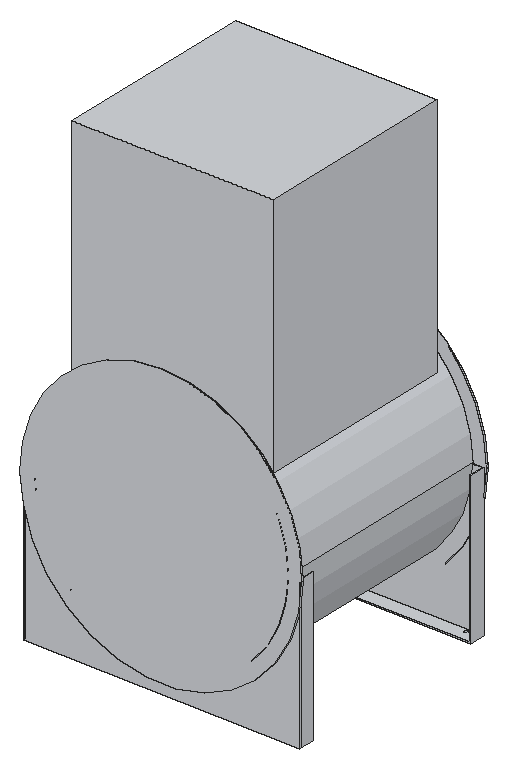
Revit family "AFB-S_Horizontal_Floor_Mount", category Mechanical Equipment, Revit 2019
Family settings
  Round Connector Dimension = Use Radius
  Part Type = Normal
  Work Plane-Based = No
  Always vertical = Yes
  Cut with Voids When Loaded = No
  Shared = No
  Room Calculation Point = No
Parameters (values of type "36_AFB-S_HOR_FLOOR")
  Unit Weight [instance] = ""
  P/2 = P / 2  # 0' - 0 9/32"
  P = 0' - 0 9/16"  # constant formula
  N = 1' - 6 5/16"
  ModelID [instance] = ""
  M/2 = M / 2  # 1' - 8 5/16"
  M = 3' - 4 5/8"
  L = 0' - 0 15/16"
  K/2 = K / 2  # 1' - 4 1/16"
  K = 2' - 8 1/8"
  J-(C/2) = J - (C / 2)  # 0' - 2 5/8"
  J = 1' - 10 1/8"
  H-(A/2) = H - (A / 2)  # 2' - 4 3/4"
  H+J = H + J  # 5' - 9 3/8"
  H = 3' - 11 1/4"
  Sones [instance] = ""
  Motor RPM [instance] = ""
  Motor Enclosure [instance] = ""
  LwA [instance] = ""
  G = 6' - 0"
  Fan RPM [instance] = ""
  F/2 = F / 2  # 0' - 0 7/32"
  F = 0' - 0 7/16"
  E/2 = E / 2  # 1' - 5"
  E-2" = E - 0' 2"  # 2' - 8"
  E = 2' - 10"
  C/2+J = C / 2 + J  # 3' - 5 5/8"
  C/2 = C / 2  # 1' - 7 1/2"
  C = 3' - 3"
  B/2 = B / 2  # 1' - 8 11/16"
  B = 3' - 5 3/8"
  Accessories [instance] = ""
  A/3 = A / 2.5  # 1' - 2.8"
  A/2 = A / 2  # 1' - 6 1/2"
  A = 3' - 1"
  60 = 60.00°  # constant formula
  30 = 30.00°  # constant formula
  3" = 0' - 3"  # constant formula
  Brake Hp [instance] = ""
  4" = 0' - 4"  # constant formula
  2' = 2' - 0"
  2" = 0' - 2"  # constant formula
  1" = 0' - 1"  # constant formula
  0 = 0' - 0"  # constant formula
  Voltage [instance] = 0 V
  URL = "www.lorencook.com"
  Type Comments = "Tube Axial Fan Horizontal Floor Mount Stainless Steel Construction Belt Drive Arrangement 9"  # constant formula
  Static Pressure [instance] = 0.00 in-wg
  Power [instance] = Voltage * Motor FLA * sqrt(if(Phase = 3, 3, 1))  # 0 VA
  Phase [instance] = 0
  Number of Poles [instance] = 1
  Motor Hp [instance] = "0"
  Motor FLA [instance] = 0 A
  Model = "AFB-S"  # constant formula
  Manufacturer = "Loren Cook Company"
  CFM [instance] = 0 CFM
  1.5 = 0' - 1 1/2"  # constant formula
  ONE EIGTH = 0' - 0 1/8"  # constant formula
  -E/2 = -E / 2  # -1' - 5"
  -(E-.25")/2 = -(E - 0' 0 1/4") / 2  # -1' - 4 7/8"
  (H-(A/2))/2 = (H - (A / 2)) / 2  # 1' - 2 3/8"
  (E-.25")/2 = (E - 0' 0 1/4") / 2  # 1' - 4 7/8"
  (A+.25")/2 = (A + 0' 0 1/4") / 2  # 1' - 6 5/8"
Types (10): name | N | M/2 | M | K/2 | K | J-(C/2) | J | H-(A/2) | H+J | H | F/2 | F | E/2 | E-2" | E | C/2+J | C/2 | C | B/2 | B | A/3 | A/2 | A | -E/2 | -(E-.25")/2 | (H-(A/2))/2 | (E-.25")/2 | (A+.25")/2
  (no name) | 1' - 6 5/16" | 1' - 8 5/16" | 3' - 4 5/8" | 1' - 4 1/16" | 2' - 8 1/8" | 0' - 2 5/8" | 1' - 10 1/8" | 2' - 4 3/4" | 5' - 9 3/8" | 3' - 11 1/4" | 0' - 0 7/32" | 0' - 0 7/16" | 1' - 5" | 2' - 8" | 2' - 10" | 3' - 5 5/8" | 1' - 7 1/2" | 3' - 3" | 1' - 8 11/16" | 3' - 5 3/8" | 1' - 2.8" | 1' - 6 1/2" | 3' - 1" | -1' - 5" | -1' - 4 7/8" | 1' - 2 3/8" | 1' - 4 7/8" | 1' - 6 5/8"
  12_AFB-S_HOR_FLOOR | 0' - 6" | 0' - 8" | 1' - 4" | 0' - 10 1/16" | 1' - 8 1/8" | 0' - 2 7/16" | 0' - 9 3/4" | 1' - 6 3/16" | 2' - 10 3/8" | 2' - 0 5/8" | 0' - 0 5/32" | 0' - 0 5/16" | 0' - 11" | 1' - 8" | 1' - 10" | 1' - 5 1/16" | 0' - 7 5/16" | 1' - 2 5/8" | 0' - 7 27/32" | 1' - 3 11/16" | 0' - 5.15" | 0' - 6 7/16" | 1' - 0 7/8" | -0' - 11" | -0' - 10 7/8" | 0' - 9 3/32" | 0' - 10 7/8" | 0' - 6 9/16"
  16_AFB-S_HOR_FLOOR | 0' - 8" | 0' - 10" | 1' - 8" | 0' - 11 9/16" | 1' - 11 1/8" | 0' - 2 7/16" | 0' - 11 3/4" | 1' - 9 11/16" | 3' - 5 7/8" | 2' - 6 1/8" | 0' - 0 5/32" | 0' - 0 5/16" | 1' - 0 1/2" | 1' - 11" | 2' - 1" | 1' - 9 1/16" | 0' - 9 5/16" | 1' - 6 5/8" | 0' - 9 27/32" | 1' - 7 11/16" | 0' - 6 3/4" | 0' - 8 7/16" | 1' - 4 7/8" | -1' - 0 1/2" | -1' - 0 3/8" | 0' - 10 27/32" | 1' - 0 3/8" | 0' - 8 9/16"
  18_AFB-S_HOR_FLOOR | 0' - 9" | 0' - 11" | 1' - 10" | 0' - 11 9/16" | 1' - 11 1/8" | 0' - 2 7/16" | 1' - 0 3/4" | 1' - 9 11/16" | 3' - 7 7/8" | 2' - 7 1/8" | 0' - 0 5/32" | 0' - 0 5/16" | 1' - 0 1/2" | 1' - 11" | 2' - 1" | 1' - 11 1/16" | 0' - 10 5/16" | 1' - 8 5/8" | 0' - 10 27/32" | 1' - 9 11/16" | 0' - 7.55" | 0' - 9 7/16" | 1' - 6 7/8" | -1' - 0 1/2" | -1' - 0 3/8" | 0' - 10 27/32" | 1' - 0 3/8" | 0' - 9 9/16"
  24_AFB-S_HOR_FLOOR | 1' - 0 1/4" | 1' - 2 1/4" | 2' - 4 1/2" | 1' - 2 9/16" | 2' - 5 1/8" | 0' - 2 9/16" | 1' - 4" | 2' - 3 7/16" | 4' - 7 7/8" | 3' - 3 7/8" | 0' - 0 7/32" | 0' - 0 7/16" | 1' - 3 1/2" | 2' - 5" | 2' - 7" | 2' - 5 7/16" | 1' - 1 7/16" | 2' - 2 7/8" | 1' - 2 9/16" | 2' - 5 1/8" | 0' - 9.95" | 1' - 0 7/16" | 2' - 0 7/8" | -1' - 3 1/2" | -1' - 3 3/8" | 1' - 1 23/32" | 1' - 3 3/8" | 1' - 0 9/16"
  28_AFB-S_HOR_FLOOR | 1' - 2 1/4" | 1' - 4 1/4" | 2' - 8 1/2" | 1' - 2 9/16" | 2' - 5 1/8" | 0' - 2 9/16" | 1' - 6" | 2' - 3 7/16" | 4' - 11 7/8" | 3' - 5 7/8" | 0' - 0 7/32" | 0' - 0 7/16" | 1' - 3 1/2" | 2' - 5" | 2' - 7" | 2' - 9 7/16" | 1' - 3 7/16" | 2' - 6 7/8" | 1' - 4 9/16" | 2' - 9 1/8" | 0' - 11.55" | 1' - 2 7/16" | 2' - 4 7/8" | -1' - 3 1/2" | -1' - 3 3/8" | 1' - 1 23/32" | 1' - 3 3/8" | 1' - 2 9/16"
  32_AFB-S_HOR_FLOOR | 1' - 4 5/16" | 1' - 6 5/16" | 3' - 0 5/8" | 1' - 4 1/16" | 2' - 8 1/8" | 0' - 2 5/8" | 1' - 8 1/8" | 2' - 4 3/4" | 5' - 5 3/8" | 3' - 9 1/4" | 0' - 0 7/32" | 0' - 0 7/16" | 1' - 5" | 2' - 8" | 2' - 10" | 3' - 1 5/8" | 1' - 5 1/2" | 2' - 11" | 1' - 6 5/8" | 3' - 1 1/4" | 1' - 1.2" | 1' - 4 1/2" | 2' - 9" | -1' - 5" | -1' - 4 7/8" | 1' - 2 3/8" | 1' - 4 7/8" | 1' - 4 5/8"
  36_AFB-S_HOR_FLOOR | 1' - 6 5/16" | 1' - 8 5/16" | 3' - 4 5/8" | 1' - 4 1/16" | 2' - 8 1/8" | 0' - 2 5/8" | 1' - 10 1/8" | 2' - 4 3/4" | 5' - 9 3/8" | 3' - 11 1/4" | 0' - 0 7/32" | 0' - 0 7/16" | 1' - 5" | 2' - 8" | 2' - 10" | 3' - 5 5/8" | 1' - 7 1/2" | 3' - 3" | 1' - 8 11/16" | 3' - 5 3/8" | 1' - 2.8" | 1' - 6 1/2" | 3' - 1" | -1' - 5" | -1' - 4 7/8" | 1' - 2 3/8" | 1' - 4 7/8" | 1' - 6 5/8"
  14_AFB-S_HOR_FLOOR | 0' - 6" | 0' - 9" | 1' - 6" | 0' - 10 1/16" | 1' - 8 1/8" | 0' - 2 7/16" | 0' - 10 3/4" | 1' - 6 3/16" | 3' - 0 3/8" | 2' - 1 5/8" | 0' - 0 5/32" | 0' - 0 5/16" | 0' - 11" | 1' - 8" | 1' - 10" | 1' - 7 1/16" | 0' - 8 5/16" | 1' - 4 5/8" | 0' - 8 27/32" | 1' - 5 11/16" | 0' - 5.95" | 0' - 7 7/16" | 1' - 2 7/8" | -0' - 11" | -0' - 10 7/8" | 0' - 9 3/32" | 0' - 10 7/8" | 0' - 7 9/16"
  20_AFB-S_HOR_FLOOR | 0' - 10 1/4" | 1' - 0 1/4" | 2' - 0 1/2" | 1' - 2 9/16" | 2' - 5 1/8" | 0' - 4 13/16" | 1' - 4" | 2' - 5 7/16" | 4' - 7 7/8" | 3' - 3 7/8" | 0' - 0 5/32" | 0' - 0 5/16" | 1' - 3 1/2" | 2' - 5" | 2' - 7" | 2' - 3 3/16" | 0' - 11 3/16" | 1' - 10 3/8" | 0' - 11 27/32" | 1' - 11 11/16" | 0' - 8.35" | 0' - 10 7/16" | 1' - 8 7/8" | -1' - 3 1/2" | -1' - 3 3/8" | 1' - 2 23/32" | 1' - 3 3/8" | 0' - 10 9/16"
Reference planes (in)
  plane 1 "Center (Front/Back)": y = 0
  plane 2: z = 0
  plane 3 "Center (Left/Right)": x = 0.40541
Forms (in)
  Extrusion 1, solid
    sketch origin (0, 0, 0) x (1, 0, 0) y (0, 0, 1)
      loop
        circle (0.40541, 22.125) r 20.6875
    from 17 <- "E/2" to -17 <- "-E/2"
  Extrusion 2, void
    sketch origin (0, 0, 0) x (1, 0, 0) y (0, 0, 1)
      loop
        circle (0.40541, 22.125) r 20.6875
      loop
        circle (0.40541, 22.125) r 18.625
    from 16.875 <- "(E-.25")/2" to -16.875 <- "-(E-.25")/2"
  Extrusion 3, solid
    sketch origin (0, -16.875, 0) x (-1, 0, 0) y (0, 0, 1)
      loop
        line (14.39459, 33.43211) -> (14.39459, 69.375) -> (-15.20541, 69.375) -> (-15.20541, 33.43211)
        arc (-15.20541, 33.43211) -> (-0.40541, 40.75) -> (14.39459, 33.43211) r 18.625
    from 2 to 32 <- "E-2""
  Extrusion 4, solid
    sketch origin (0, -17, 0) x (1, 0, 0) y (0, 0, 1)
      loop
        line (-18.21959, 22.125) -> (-19.90709, 22.125) -> (-19.90709, 0) -> (20.71791, 0) -> (20.71791, 22.125) -> (19.03041, 22.125)
        arc (19.03041, 22.125) -> (0.40541, 3.5) -> (-18.21959, 22.125) r 18.625
    from -0.25 to -0.125
  Extrusion 5, solid
    sketch origin (0, 16.875, 0) x (1, 0, 0) y (0, 0, 1)
      loop
        line (-18.21959, 22.125) -> (-19.90709, 22.125) -> (-19.90709, 0) -> (20.71791, 0) -> (20.71791, 22.125) -> (19.03041, 22.125)
        arc (19.03041, 22.125) -> (0.40541, 3.5) -> (-18.21959, 22.125) r 18.625
    from 0 to 0.125
  Extrusion 6, solid
    sketch origin (0, 16.875, 0) x (-1, 0, 0) y (0, 0, 1)
      loop
        line (-20.71791, 22.125) -> (-20.71791, 0) -> (19.90709, 0) -> (19.90709, 22.125) -> (19.78209, 22.125) -> (19.78209, 0.125) -> (-20.59291, 0.125) -> (-20.59291, 22.125) -> (-20.71791, 22.125)
    from -0.125 to -2.375
  Extrusion 7, solid
    sketch origin (0, -16.875, 0) x (1, 0, 0) y (0, 0, 1)
      loop
        line (-19.90709, 22.125) -> (-19.90709, 0) -> (20.71791, 0) -> (20.71791, 22.125) -> (20.59291, 22.125) -> (20.59291, 0.125) -> (-19.78209, 0.125) -> (-19.78209, 22.125) -> (-19.90709, 22.125)
    from -0.125 to -2.375
  Extrusion 8, void
    sketch origin (0, 0, 0) x (1, 0, 0) y (0, 1, 0)
      loop
        circle (-17.90709, 16.0625) r 0.28125
      loop
        circle (18.71791, 16.0625) r 0.28125
      loop
        circle (18.71791, -16.0625) r 0.28125
      loop
        circle (-17.90709, -16.0625) r 0.28125
    from 0 to 0.125
Cuts and joins
  Extrusion 2 cuts Extrusion 1
  Extrusion 8 cuts Extrusion 6
  Extrusion 8 cuts Extrusion 7
Dimensions and locks (in)
  "0": Extrusion 1 sketch curve to plane 3 "Center (Left/Right)"
  "J": Extrusion 1 sketch curve to level
  "0": Extrusion 2 sketch curve to plane 3 "Center (Left/Right)"  (x2)
  "J": Extrusion 2 sketch curve to level  (x2)
  "0": Extrusion 3 sketch curve to plane 3 "Center (Left/Right)"
  "J": Extrusion 3 sketch curve to level
  "H+J": Extrusion 3 sketch curve to level
  "A/3": plane 3 "Center (Left/Right)" to Extrusion 3 sketch curve  (x2)
  "J": Extrusion 4 sketch curve to level  (x4)
  "0": Extrusion 4 sketch curve to plane 3 "Center (Left/Right)"
  "M/2": Extrusion 4 sketch curve to plane 3 "Center (Left/Right)"  (x2)
  "J": level to Extrusion 5 sketch curve
  "0": Extrusion 5 sketch curve to plane 3 "Center (Left/Right)"
  "0": Extrusion 5 sketch curve to level
  "0": Extrusion 5 sketch curve to Extrusion 4  (x3)
  "0": level to Extrusion 6 sketch curve
  "ONE EIGTH": level to Extrusion 6 sketch curve
  "ONE EIGTH": Extrusion 6 sketch curve to Extrusion 6 sketch curve  (x2)
  "0": Extrusion 6 sketch curve to Extrusion 5
  "0": Extrusion 5 to Extrusion 6 sketch curve  (x2)
  "ONE EIGTH": Extrusion 7 sketch curve to Extrusion 7 sketch curve  (x2)
  "ONE EIGTH": Extrusion 7 sketch curve to level
  "0": Extrusion 7 sketch curve to level
  "0": Extrusion 7 sketch curve to Extrusion 4  (x2)
  "0": Extrusion 4 to Extrusion 7 sketch curve
  "M/2": Extrusion 6 sketch curve to plane 3 "Center (Left/Right)"
  "K/2": plane 1 "Center (Front/Back)" to Extrusion 8 sketch curve  (x4)
  "N": Extrusion 8 sketch curve to plane 3 "Center (Left/Right)"  (x4)
  "0": Extrusion 4 sketch curve to level
  "J": Extrusion 7 sketch curve to level
  "B/2": radius of Extrusion 1 sketch curve
  "(A+.25")/2": radius of Extrusion 2 sketch curve
  "B/2": radius of Extrusion 2 sketch curve
  "(A+.25")/2": radius of Extrusion 3 sketch curve
  "(A+.25")/2": radius of Extrusion 4 sketch curve
  "(A+.25")/2": radius of Extrusion 5 sketch curve
  "P/2": radius of Extrusion 8 sketch curve  (x4)
Automatic sketch dimensions
  Extrusion 3 sketch curve to Extrusion 3 sketch curve = 0' - 0"
Connectors (in)
  electrical at (15.20541, 0.125, 51.40355)
    settings: on Extrusion 3, index 1, voltage 0 V, apparent load 0 VA, apparent load phase1 0 VA, apparent load phase2 0 VA, apparent load phase3 0 VA, power factor 1, load classification "Other", number of poles 1, system type 30, power factor state 1, is connector primary yes, connector utility no, sub classification motor no, connector description ""
  hvac at (0.40541, -17, 22.125), driven by "A/2"
    settings: on cut or joined group of Extrusion 1, Extrusion 2, index 2, duct flow 0 CFM, flow factor 0, pres drop 0.00 in-wg, loss coef 0, conn angle 0.00°, conn width 12", conn height 12", conn diameter 37", duct sys type 29, conn prof type 0, flow config 0, flow direction 2, loss method 0, conn ref index -1, conn util no, is conn primary yes, conn desc ""
  hvac at (0.40541, 17, 22.125), driven by "A/2"
    settings: on cut or joined group of Extrusion 1, Extrusion 2, index 3, duct flow 0 CFM, flow factor 0, pres drop 0.00 in-wg, loss coef 0, conn angle 0.00°, conn width 12", conn height 12", conn diameter 37", duct sys type 29, conn prof type 0, flow config 0, flow direction 1, loss method 0, conn ref index -1, conn util no, is conn primary no, conn desc ""
